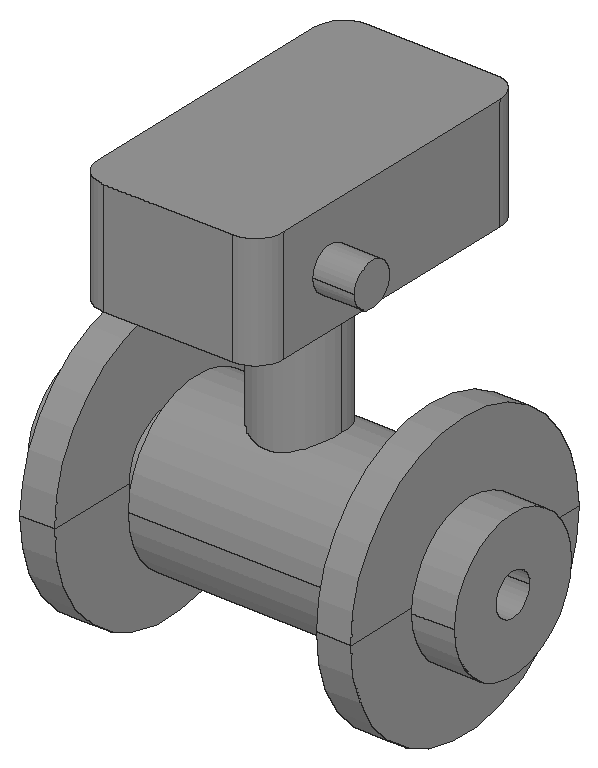
Revit family "ВИРС-М фланцевый DN15-200, PN16", category Арматура трубопроводов, Revit 2015
Parameters (values of type "Счётчик-расходомер электромагнитный (фланцевый) ВИРС-М DN15, PN16, серия 1000")
  Ширина привода = 65 mm  # constant formula
  Толщина фланца = if(DN = 15 mm, 12 mm, if(DN = 20 mm, 14 mm, if(DN = 25 mm, 16 mm, if(DN = 32 mm, 16 mm, if(DN = 40 mm, 17 mm, if(DN = 50 mm, 19 mm, if(DN = 65 mm, 21 mm, if(DN = 80 mm, 21 mm, if(DN = 100 mm, 23 mm, if(DN = 125 mm, 25 mm, if(DN = 150 mm, 25 mm, if(DN = 200 mm, 27 mm, if(DN = 250 mm, 28 mm, if(DN = 300 mm, 28 mm, 69 mm))))))))))))))  # 12 mm
  Толщина зеркала = if(DN < 33 mm, 2 mm, if(DN < 251 mm, 3 mm, if(DN < 350 mm, 4 mm, 69 mm)))  # 2 mm
  Тип, марка = Обозначение  # "ВИРС-М-15-Ф-16-55-232-1000-200"
  Степень защиты = if(Серия = 1000, "IP55", if(Серия = 2000, "IP55", if(Серия = 1100, "IP55", if(Серия = 2100, "IP55", if(Серия = 1300, "IP57", if(Серия = 2300, "IP57", if(Серия = 1500, "IP57", if(Серия = 2500, "IP57", "69"))))))))  # "IP55"
  Скругления привода = 20 mm  # constant formula
  Серия = if(Исполнение = 1, 1000, if(Исполнение = 2, 2000, if(Исполнение = 3, 1100, if(Исполнение = 4, 2100, if(Исполнение = 5, 1300, if(Исполнение = 6, 2300, if(Исполнение = 7, 1500, if(Исполнение = 8, 2500, 69))))))))  # 1000
  Расстояние до провода = 30 mm  # constant formula
  Потребляемая мощность = if(Серия = 1000, 4.5 W, if(Серия = 2000, 4.5 W, if(Серия = 1100, 4.5 W, if(Серия = 2100, 4.5 W, if(Серия = 1300, 4.5 W, if(Серия = 2300, 4.5 W, if(Серия = 1500, 7 W, if(Серия = 2500, 7 W, 69 W))))))))  # 4.5 W
  Description = ""
  Строительная длина = if(DN = 15 mm, 150 mm, if(DN = 20 mm, 150 mm, if(DN = 25 mm, 150 mm, if(DN = 32 mm, 200 mm, if(DN = 40 mm, 200 mm, if(DN = 50 mm, 200 mm, if(DN = 65 mm, 200 mm, if(DN = 80 mm, 250 mm, if(DN = 100 mm, 250 mm, if(DN = 150 mm, 300 mm, if(DN = 200 mm, 350 mm, 69 mm)))))))))))  # 150 mm
  Строительная высота = if(DN = 15 mm, 170 mm, if(DN = 20 mm, 180 mm, if(DN = 25 mm, 190 mm, if(DN = 32 mm, 210 mm, if(DN = 40 mm, 220 mm, if(DN = 50 mm, 230 mm, if(DN = 65 mm, 250 mm, if(DN = 80 mm, 260 mm, if(DN = 100 mm, 270 mm, if(DN = 150 mm, 375 mm, if(DN = 200 mm, 375 mm, 69 mm)))))))))))  # 170 mm
  Обозначение = "ВИРС-М-15-Ф-16-55-232-1000-200"
  Номинальное давление PN = if(Исполнение PN = 1, 1.6 MPa, if(Исполнение PN = 2, 2.5 MPa, 69.0 MPa))  # 1.6 MPa
  Наименование = "Счётчик-расходомер электромагнитный"  # constant formula
  Минимальный расход = if(and(Серия = 1000, DN = 15 mm), 0.01 m³/h, if(and(Серия = 1000, DN = 20 mm), 0.016 m³/h, if(and(Серия = 1000, DN = 25 mm), 0.025 m³/h, if(and(Серия = 1000, DN = 32 mm), 0.04 m³/h, if(and(Серия = 1000, DN = 40 mm), 0.06 m³/h, if(and(Серия = 1000, DN = 50 mm), 0.1 m³/h, if(and(Серия = 1000, DN = 65 mm), 0.16 m³/h, if(and(Серия = 1000, DN = 80 mm), 0.25 m³/h, if(and(Серия = 1000, DN = 100 mm), 0.4 m³/h, if(and(Серия = 1000, DN = 150 mm), 0.6 m³/h, if(and(Серия = 1000, DN = 200 mm), 1.0 m³/h, if(and(Серия = 1100, DN = 15 mm), 0.02 m³/h, if(and(Серия = 1100, DN = 20 mm), 0.032 m³/h, if(and(Серия = 1100, DN = 25 mm), 0.05 m³/h, if(and(Серия = 1100, DN = 32 mm), 0.08 m³/h, if(and(Серия = 1100, DN = 40 mm), 0.13 m³/h, if(and(Серия = 1100, DN = 50 mm), 0.2 m³/h, if(and(Серия = 1100, DN = 65 mm), 0.32 m³/h, if(and(Серия = 1100, DN = 80 mm), 0.5 m³/h, if(and(Серия = 1100, DN = 100 mm), 0.8 m³/h, if(and(Серия = 1100, DN = 150 mm), 1.3 m³/h, if(and(Серия = 1100, DN = 200 mm), 2.0 m³/h, if(and(Серия = 1300, DN = 15 mm), 0.05 m³/h, if(and(Серия = 1300, DN = 20 mm), 0.079 m³/h, if(and(Серия = 1300, DN = 25 mm), 0.13 m³/h, if(and(Серия = 1300, DN = 32 mm), 0.2 m³/h, if(and(Серия = 1300, DN = 40 mm), 0.31 m³/h, if(and(Серия = 1300, DN = 50 mm), 0.5 m³/h, if(and(Серия = 1300, DN = 65 mm), 0.79 m³/h, if(and(Серия = 1300, DN = 80 mm), 1.3 m³/h, if(and(Серия = 1300, DN = 100 mm), 2.0 m³/h, if(and(Серия = 1300, DN = 150 mm), 3.1 m³/h, if(and(Серия = 1300, DN = 200 mm), 5.0 m³/h, if(and(Серия = 1500, DN = 15 mm), 0.2 m³/h, if(and(Серия = 1500, DN = 20 mm), 0.3 m³/h, if(and(Серия = 1500, DN = 25 mm), 0.5 m³/h, if(and(Серия = 1500, DN = 32 mm), 0.8 m³/h, if(and(Серия = 1500, DN = 40 mm), 1.3 m³/h, if(and(Серия = 1500, DN = 50 mm), 2.0 m³/h, if(and(Серия = 1500, DN = 65 mm), 3.2 m³/h, if(and(Серия = 1500, DN = 80 mm), 5.0 m³/h, if(and(Серия = 1500, DN = 100 mm), 8.0 m³/h, if(and(Серия = 1500, DN = 150 mm), 13.0 m³/h, if(and(Серия = 1500, DN = 200 mm), 20.0 m³/h, if(and(Серия = 2000, DN = 15 mm), 0.013 m³/h, if(and(Серия = 2000, DN = 20 mm), 0.02 m³/h, if(and(Серия = 2000, DN = 25 mm), 0.03 m³/h, if(and(Серия = 2000, DN = 32 mm), 0.05 m³/h, if(and(Серия = 2000, DN = 40 mm), 0.08 m³/h, if(and(Серия = 2000, DN = 50 mm), 0.13 m³/h, if(and(Серия = 2000, DN = 65 mm), 0.2 m³/h, if(and(Серия = 2000, DN = 80 mm), 0.32 m³/h, if(and(Серия = 2000, DN = 100 mm), 0.5 m³/h, if(and(Серия = 2000, DN = 150 mm), 0.8 m³/h, if(and(Серия = 2000, DN = 200 mm), 1.3 m³/h, if(and(Серия = 2100, DN = 15 mm), 0.025 m³/h, if(and(Серия = 2100, DN = 20 mm), 0.04 m³/h, if(and(Серия = 2100, DN = 25 mm), 0.064 m³/h, if(and(Серия = 2100, DN = 32 mm), 0.1 m³/h, if(and(Серия = 2100, DN = 40 mm), 0.16 m³/h, if(and(Серия = 2100, DN = 50 mm), 0.25 m³/h, if(and(Серия = 2100, DN = 65 mm), 0.4 m³/h, if(and(Серия = 2100, DN = 80 mm), 0.64 m³/h, if(and(Серия = 2100, DN = 100 mm), 1.0 m³/h, if(and(Серия = 2100, DN = 150 mm), 1.6 m³/h, if(and(Серия = 2100, DN = 200 mm), 2.5 m³/h, if(and(Серия = 2300, DN = 15 mm), 0.063 m³/h, if(and(Серия = 2300, DN = 20 mm), 0.1 m³/h, if(and(Серия = 2300, DN = 25 mm), 0.16 m³/h, if(and(Серия = 2300, DN = 32 mm), 0.25 m³/h, if(and(Серия = 2300, DN = 40 mm), 0.4 m³/h, if(and(Серия = 2300, DN = 50 mm), 0.63 m³/h, if(and(Серия = 2300, DN = 65 mm), 1.0 m³/h, if(and(Серия = 2300, DN = 80 mm), 1.6 m³/h, if(and(Серия = 2300, DN = 100 mm), 2.5 m³/h, if(and(Серия = 2300, DN = 150 mm), 4.0 m³/h, if(and(Серия = 2300, DN = 200 mm), 6.3 m³/h, if(and(Серия = 2500, DN = 15 mm), 0.25 m³/h, if(and(Серия = 2500, DN = 20 mm), 0.4 m³/h, if(and(Серия = 2500, DN = 25 mm), 0.64 m³/h, if(and(Серия = 2500, DN = 32 mm), 1.0 m³/h, if(and(Серия = 2500, DN = 40 mm), 1.6 m³/h, if(and(Серия = 2500, DN = 50 mm), 2.5 m³/h, if(and(Серия = 2500, DN = 65 mm), 4.0 m³/h, if(and(Серия = 2500, DN = 80 mm), 6.4 m³/h, if(and(Серия = 2500, DN = 100 mm), 10.0 m³/h, if(and(Серия = 2500, DN = 150 mm), 16.0 m³/h, if(and(Серия = 2500, DN = 200 mm), 25.0 m³/h, 69.0 m³/h))))))))))))))))))))))))))))))))))))))))))))))))))))))))))))))))))))))))))))))))))))))))  # 0.01 m³/h
  Материал и цвет привода ППР = Пластик, серый
  Материал и цвет ППР = Сталь, белый
  Масса = if(DN = 15 mm, 3.10 kg, if(DN = 20 mm, 3.20 kg, if(DN = 25 mm, 3.60 kg, if(DN = 32 mm, 4.20 kg, if(DN = 40 mm, 5.30 kg, if(DN = 50 mm, 6.80 kg, if(DN = 65 mm, 11.00 kg, if(DN = 80 mm, 14.00 kg, if(DN = 100 mm, 18.00 kg, if(DN = 125 mm, 55.00 kg, if(DN = 150 mm, 31.00 kg, if(DN = 200 mm, 34.00 kg, if(DN = 250 mm, 230.00 kg, if(DN = 300 mm, 360.00 kg, 69.00 kg))))))))))))))  # 3.10 kg
  Максимальный расход = if(and(Серия = 1000, DN = 15 mm), 5.0 m³/h, if(and(Серия = 1000, DN = 20 mm), 7.9 m³/h, if(and(Серия = 1000, DN = 25 mm), 12.5 m³/h, if(and(Серия = 1000, DN = 32 mm), 20.0 m³/h, if(and(Серия = 1000, DN = 40 mm), 31.3 m³/h, if(and(Серия = 1000, DN = 50 mm), 50.0 m³/h, if(and(Серия = 1000, DN = 65 mm), 78.8 m³/h, if(and(Серия = 1000, DN = 80 mm), 125.0 m³/h, if(and(Серия = 1000, DN = 100 mm), 200.0 m³/h, if(and(Серия = 1000, DN = 150 mm), 312.5 m³/h, if(and(Серия = 1000, DN = 200 mm), 500.0 m³/h, if(and(Серия = 1100, DN = 15 mm), 5.0 m³/h, if(and(Серия = 1100, DN = 20 mm), 7.9 m³/h, if(and(Серия = 1100, DN = 25 mm), 12.5 m³/h, if(and(Серия = 1100, DN = 32 mm), 20.0 m³/h, if(and(Серия = 1100, DN = 40 mm), 31.3 m³/h, if(and(Серия = 1100, DN = 50 mm), 50.0 m³/h, if(and(Серия = 1100, DN = 65 mm), 78.8 m³/h, if(and(Серия = 1100, DN = 80 mm), 125.0 m³/h, if(and(Серия = 1100, DN = 100 mm), 200.0 m³/h, if(and(Серия = 1100, DN = 150 mm), 312.5 m³/h, if(and(Серия = 1100, DN = 200 mm), 500.0 m³/h, if(and(Серия = 1300, DN = 15 mm), 5.0 m³/h, if(and(Серия = 1300, DN = 20 mm), 7.9 m³/h, if(and(Серия = 1300, DN = 25 mm), 12.5 m³/h, if(and(Серия = 1300, DN = 32 mm), 20.0 m³/h, if(and(Серия = 1300, DN = 40 mm), 31.3 m³/h, if(and(Серия = 1300, DN = 50 mm), 50.0 m³/h, if(and(Серия = 1300, DN = 65 mm), 78.8 m³/h, if(and(Серия = 1300, DN = 80 mm), 125.0 m³/h, if(and(Серия = 1300, DN = 100 mm), 200.0 m³/h, if(and(Серия = 1300, DN = 150 mm), 312.5 m³/h, if(and(Серия = 1300, DN = 200 mm), 500.0 m³/h, if(and(Серия = 1500, DN = 15 mm), 5.0 m³/h, if(and(Серия = 1500, DN = 20 mm), 7.9 m³/h, if(and(Серия = 1500, DN = 25 mm), 12.5 m³/h, if(and(Серия = 1500, DN = 32 mm), 20.0 m³/h, if(and(Серия = 1500, DN = 40 mm), 31.3 m³/h, if(and(Серия = 1500, DN = 50 mm), 50.0 m³/h, if(and(Серия = 1500, DN = 65 mm), 78.8 m³/h, if(and(Серия = 1500, DN = 80 mm), 125.0 m³/h, if(and(Серия = 1500, DN = 100 mm), 200.0 m³/h, if(and(Серия = 1500, DN = 150 mm), 312.5 m³/h, if(and(Серия = 1500, DN = 200 mm), 500.0 m³/h, if(and(Серия = 2000, DN = 15 mm), 6.3 m³/h, if(and(Серия = 2000, DN = 20 mm), 10.0 m³/h, if(and(Серия = 2000, DN = 25 mm), 16.0 m³/h, if(and(Серия = 2000, DN = 32 mm), 25.0 m³/h, if(and(Серия = 2000, DN = 40 mm), 40.0 m³/h, if(and(Серия = 2000, DN = 50 mm), 63.0 m³/h, if(and(Серия = 2000, DN = 65 mm), 100.0 m³/h, if(and(Серия = 2000, DN = 80 mm), 160.0 m³/h, if(and(Серия = 2000, DN = 100 mm), 250.0 m³/h, if(and(Серия = 2000, DN = 150 mm), 400.0 m³/h, if(and(Серия = 2000, DN = 200 mm), 630.0 m³/h, if(and(Серия = 2100, DN = 15 mm), 6.3 m³/h, if(and(Серия = 2100, DN = 20 mm), 10.0 m³/h, if(and(Серия = 2100, DN = 25 mm), 16.0 m³/h, if(and(Серия = 2100, DN = 32 mm), 25.0 m³/h, if(and(Серия = 2100, DN = 40 mm), 40.0 m³/h, if(and(Серия = 2100, DN = 50 mm), 63.0 m³/h, if(and(Серия = 2100, DN = 65 mm), 100.0 m³/h, if(and(Серия = 2100, DN = 80 mm), 160.0 m³/h, if(and(Серия = 2100, DN = 100 mm), 250.0 m³/h, if(and(Серия = 2100, DN = 150 mm), 400.0 m³/h, if(and(Серия = 2100, DN = 200 mm), 630.0 m³/h, if(and(Серия = 2300, DN = 15 mm), 6.3 m³/h, if(and(Серия = 2300, DN = 20 mm), 10.0 m³/h, if(and(Серия = 2300, DN = 25 mm), 16.0 m³/h, if(and(Серия = 2300, DN = 32 mm), 25.0 m³/h, if(and(Серия = 2300, DN = 40 mm), 40.0 m³/h, if(and(Серия = 2300, DN = 50 mm), 63.0 m³/h, if(and(Серия = 2300, DN = 65 mm), 100.0 m³/h, if(and(Серия = 2300, DN = 80 mm), 160.0 m³/h, if(and(Серия = 2300, DN = 100 mm), 250.0 m³/h, if(and(Серия = 2300, DN = 150 mm), 400.0 m³/h, if(and(Серия = 2300, DN = 200 mm), 630.0 m³/h, if(and(Серия = 2500, DN = 15 mm), 6.3 m³/h, if(and(Серия = 2500, DN = 20 mm), 10.0 m³/h, if(and(Серия = 2500, DN = 25 mm), 16.0 m³/h, if(and(Серия = 2500, DN = 32 mm), 25.0 m³/h, if(and(Серия = 2500, DN = 40 mm), 40.0 m³/h, if(and(Серия = 2500, DN = 50 mm), 63.0 m³/h, if(and(Серия = 2500, DN = 65 mm), 100.0 m³/h, if(and(Серия = 2500, DN = 80 mm), 160.0 m³/h, if(and(Серия = 2500, DN = 100 mm), 250.0 m³/h, if(and(Серия = 2500, DN = 150 mm), 400.0 m³/h, if(and(Серия = 2500, DN = 200 mm), 630.0 m³/h, 69.0 m³/h))))))))))))))))))))))))))))))))))))))))))))))))))))))))))))))))))))))))))))))))))))))))  # 5.0 m³/h
  Максимальная температура среды = if(Серия = 1000, 150 °C, if(Серия = 2000, 150 °C, if(Серия = 1100, 150 °C, if(Серия = 2100, 150 °C, if(Серия = 1300, 90 °C, if(Серия = 2300, 90 °C, if(Серия = 1500, 90 °C, if(Серия = 2500, 90 °C, 69 °C))))))))  # 150 °C
  Класс точности = if(Серия = 1000, 2, if(Серия = 2000, 2, if(Серия = 1100, 1, if(Серия = 2100, 1, if(Серия = 1300, 0.5, if(Серия = 2300, 0.5, if(Серия = 1500, 0.25, if(Серия = 2500, 0.25, 69))))))))  # 2
  Исполнение PN = 1
  Исполнение = 1
  Интерфес (основной) = "RS 232"  # constant formula
  Изготовитель = "ООО \"ВОГЕЗЭНЕРГО\""
  Длина присоединения провода = 15 mm  # constant formula
  Длина по фланцам = Строительная длина - 30 mm  # 120 mm
  Материал и цвет остальных элементов = Сталь, неокрашенная
  Длина привода = 115 mm  # constant formula
  Длина корпуса = Длина по фланцам - 2 * Толщина зеркала - Толщина фланца * 2 - 20 mm  # 72 mm
  Диаметр штока = 30 mm  # constant formula
  Радиус фланца = Диаметр фланца / 2  # 50 mm
  Диаметр фланца = if(DN = 15 mm, 100 mm, if(DN = 20 mm, 110 mm, if(DN = 25 mm, 120 mm, if(DN = 32 mm, 135 mm, if(DN = 40 mm, 145 mm, if(DN = 50 mm, 160 mm, if(DN = 65 mm, 180 mm, if(DN = 80 mm, 195 mm, if(DN = 100 mm, 215 mm, if(DN = 125 mm, 245 mm, if(DN = 150 mm, 280 mm, if(DN = 200 mm, 335 mm, if(DN = 250 mm, 405 mm, if(DN = 300 mm, 460 mm, 69 mm))))))))))))))  # 100 mm
  Радиус условный = DN / 2  # 7.5 mm
  Диаметр условный DN = DN  # 15 mm
  Выходной сигнал = if(Серия = 1000, "числоимпульсный", if(Серия = 2000, "числоимпульсный", if(Серия = 1100, "числоимпульсный", if(Серия = 2100, "числоимпульсный", if(Серия = 1300, "частотный", if(Серия = 2300, "частотный", if(Серия = 1500, "частотный", if(Серия = 2500, "частотный", "69"))))))))  # "числоимпульсный"
  URL = "http://vogez.by/"
  DN = 15 mm
  Диаметр подключение провода = 15 mm  # constant formula
  Диаметр патрубка = DN + 20 mm  # 35 mm
  Диаметр корпуса = Диаметр фланца - 40 mm  # 60 mm
  Диаметр зеркала_2 = Диаметр зеркала / 2 - 5 mm  # 20.5 mm
  Диаметр зеркала = if(DN = 15 mm, 51 mm, if(DN = 20 mm, 60 mm, if(DN = 25 mm, 71 mm, if(DN = 32 mm, 82 mm, if(DN = 40 mm, 92 mm, if(DN = 50 mm, 107 mm, if(DN = 65 mm, 127 mm, if(DN = 80 mm, 139 mm, if(DN = 100 mm, 162 mm, if(DN = 125 mm, 190 mm, if(DN = 150 mm, 218 mm, if(DN = 200 mm, 274 mm, if(DN = 250 mm, 326 mm, if(DN = 300 mm, 378 mm, 69 mm))))))))))))))  # 51 mm
  Высота с приводом = Строительная высота - Радиус фланца  # 120 mm
  Высота основания привода = Высота с приводом - 40 mm  # 80 mm
  Видимость клапана = yes
Reference planes
  plane 1 "По центру (Вперед/Назад)": y = 0
  plane 2: z = 0
  plane 3 "По центру (Влево/Вправо)": x = 0
  plane 4: x = -60
  plane 5: x = 60
  plane 6: z = 80
  plane 7: z = 120
  plane 8: x = -32.5
  plane 9: x = 32.5
  plane 10: x = -32.5
  plane 11: x = 32.5
  plane 12: x = -75
  plane 13: x = 75
  plane 14: y = 57.5
  plane 15: y = -57.5
  plane 16: x = -36
  plane 17: x = 36
  plane 18: x = 47.5
  plane 19: z = 50
  plane 20: z = -50
Forms (mm)
  Revolve 1, solid, material "Сталь, белый" <- "Материал и цвет ППР", visible <- "Видимость клапана", detail levels fine
    sketch origin (0, 0, 0) x (1, 0, 0) y (0, 1, 0)
      loop
        line (-60, 20.5) -> (-60, 7.5) -> (-46, 7.5) -> (-46, 50) -> (-58, 50) -> (-58, 20.5) -> (-60, 20.5)
      loop
        line (60, 20.5) -> (58, 20.5) -> (58, 50) -> (46, 50) -> (46, 7.5) -> (60, 7.5) -> (60, 20.5)
      axis (-60, 0) -> (60, 0)
    angle from 0 to 360
  Extrusion 2, solid, material "Сталь, белый" <- "Материал и цвет ППР", visible <- "Видимость клапана", detail levels fine
    sketch origin (0, 0, 0) x (0, 1, 0) y (0, 0, 1)
      loop
        circle (0, 0) r 17.5
    from -46 to 46
  Extrusion 3, solid, material "Сталь, неокрашенная" <- "Материал и цвет остальных элементов", visible <- "Видимость клапана", detail levels fine
    sketch origin (0, 0, 0) x (0, 1, 0) y (0, 0, -1)
      loop
        circle (0, 0) r 25.5
      loop
        circle (0, 0) r 7.5
    from 60 to 75
  Extrusion 4, solid, material "Сталь, неокрашенная" <- "Материал и цвет остальных элементов", visible <- "Видимость клапана", detail levels fine
    sketch origin (0, 0, 0) x (0, 1, 0) y (0, 0, 1)
      loop
        circle (0, 0) r 25.5
      loop
        circle (0, 0) r 7.5
    from 60 to 75
  Extrusion 5, solid, material "Сталь, белый" <- "Материал и цвет ППР", visible <- "Видимость клапана", detail levels fine
    sketch origin (0, 0, 72) x (1, 0, 0) y (0, 1, 0)
      loop
        circle (0, 0) r 15
    from -72 to 8
  Extrusion 6, solid, material "Сталь, белый" <- "Материал и цвет ППР", visible <- "Видимость клапана", detail levels fine
    sketch origin (0, 0, 0) x (0, 1, 0) y (0, 0, 1)
      loop
        circle (0, 0) r 30
    from -36 to 36
  Extrusion 7, solid, material "Пластик, серый" <- "Материал и цвет привода ППР", visible <- "Видимость клапана", detail levels fine
    sketch origin (0, 0, 72) x (1, 0, 0) y (0, 1, 0)
      loop
        arc (-22.5, 57.5) -> (-29.571, 54.571) -> (-32.5, 47.5) r 10
        line (-32.5, 47.5) -> (-32.5, -47.5)
        arc (-32.5, -47.5) -> (-29.571, -54.571) -> (-22.5, -57.5) r 10
        line (-22.5, -57.5) -> (22.5, -57.5)
        arc (22.5, -57.5) -> (29.571, -54.571) -> (32.5, -47.5) r 10
        line (32.5, -47.5) -> (32.5, 47.5)
        arc (32.5, 47.5) -> (29.571, 54.571) -> (22.5, 57.5) r 10
        line (22.5, 57.5) -> (-22.5, 57.5)
    from 8 to 48
  Extrusion 8, solid, material "Пластик, серый" <- "Материал и цвет привода ППР", visible <- "Видимость клапана", detail levels fine
    sketch origin (0, 0, 0) x (0, 1, 0) y (0, 0, 1)
      loop
        circle (-27.5, 100) r 7.5
    from 32.5 to 47.5
Cuts and joins
  joined: Revolve 1, Extrusion 2, Extrusion 5, Extrusion 6
Lines and regions (mm)
  model lines, visible <- "Видимость клапана", detail levels coarse+medium
    curve 1: line (75, 0, 50) -> (-75, 0, 50)
    curve 2: line (75, 0, -50) -> (75, 0, 50)
    curve 3: line (-75, 0, -50) -> (75, 0, -50)
    curve 4: line (-75, 0, 50) -> (-75, 0, -50)
    curve 5: line (75, 0, -50) -> (-75, 0, 50)
Dimensions and locks
  equal spacing: plane 4, plane 3 "По центру (Влево/Вправо)", plane 5
  "Длина по фланцам": plane 4 to plane 5
  "Толщина зеркала": Revolve 1 sketch curve to Revolve 1 sketch curve  (x2)
  "Толщина фланца": Revolve 1 sketch curve to Revolve 1 sketch curve  (x2)
  "Радиус фланца": plane 1 "По центру (Вперед/Назад)" to Revolve 1 sketch curve  (x2)
  "Диаметр зеркала_2": plane 1 "По центру (Вперед/Назад)" to Revolve 1 sketch curve  (x2)
  "Радиус условный": plane 1 "По центру (Вперед/Назад)" to Revolve 1 sketch curve  (x2)
  "Высота основания привода": level to plane 6
  "Высота с приводом": level to plane 7
  equal spacing: plane 8, plane 3 "По центру (Влево/Вправо)", plane 9
  "Ширина привода": plane 8 to plane 9
  equal spacing: plane 12, plane 3 "По центру (Влево/Вправо)", plane 13
  "Строительная длина": plane 12 to plane 13
  equal spacing: plane 14, plane 1 "По центру (Вперед/Назад)", plane 15
  "Длина привода": plane 14 to plane 15
  equal spacing: plane 16, plane 3 "По центру (Влево/Вправо)", plane 17
  "Длина корпуса": plane 16 to plane 17
  equal spacing: plane 7, Extrusion 8 sketch curve, plane 6
  "Расстояние до провода": plane 15 to Extrusion 8 sketch curve
  "Длина присоединения провода": plane 11 to plane 18
  equal spacing: plane 20, level, plane 19
  "Диаметр фланца": plane 20 to plane 19
  "Диаметр патрубка": diameter of Extrusion 2 sketch curve
  "Диаметр зеркала": diameter of Extrusion 3 sketch curve
  "DN": diameter of Extrusion 3 sketch curve
  "Диаметр зеркала": diameter of Extrusion 4 sketch curve
  "DN": diameter of Extrusion 4 sketch curve
  "Диаметр штока": diameter of Extrusion 5 sketch curve
  "Диаметр корпуса": diameter of Extrusion 6 sketch curve
  "Скругления привода": diameter of Extrusion 7 sketch curve  (x4)
  "Диаметр подключение провода": diameter of Extrusion 8 sketch curve
  aligned and locked: level to plane 2
  aligned and locked: plane 4 to Revolve 1 sketch curve
  aligned and locked: plane 5 to Revolve 1 sketch curve
  aligned and locked: plane 1 "По центру (Вперед/Назад)" to Revolve 1 sketch curve
  aligned and locked: Revolve 1 to Extrusion 2
  aligned and locked: Extrusion 3 to plane 12
  aligned and locked: plane 4 to Extrusion 3
  aligned and locked: plane 13 to Extrusion 4
  aligned and locked: Extrusion 4 to plane 5
  aligned and locked: Extrusion 5 to level
  aligned and locked: plane 6 to Extrusion 5
  aligned and locked: plane 17 to Extrusion 6
  aligned and locked: Extrusion 6 to plane 16
  aligned and locked: Extrusion 7 to plane 8
  aligned and locked: plane 9 to Extrusion 7
  aligned and locked: plane 14 to Extrusion 7
  aligned and locked: Extrusion 7 to plane 15
  aligned and locked: plane 7 to Extrusion 7
  aligned and locked: Extrusion 7 to plane 6
  aligned and locked: Extrusion 8 to plane 9
  aligned and locked: Extrusion 8 to plane 18
  aligned and locked: Extrusion 2 to Revolve 1
Automatic sketch dimensions
  curve 5 to plane 12 = 0 mm
  curve 5 to plane 13 = 0 mm
  curve 3 to plane 20 = 0 mm
  curve 4 to plane 19 = 0 mm
  Revolve 1 sketch curve to plane 4 = 0 mm
  Revolve 1 sketch curve to plane 5 = 0 mm
  Extrusion 2 sketch curve to level = 0 mm
  Extrusion 2 sketch curve to plane 1 "По центру (Вперед/Назад)" = 0 mm
  Extrusion 3 sketch curve to Extrusion 3 sketch curve = 0 mm  (x2)
  Extrusion 3 sketch curve to level = 0 mm
  Extrusion 3 sketch curve to plane 1 "По центру (Вперед/Назад)" = 0 mm
  Extrusion 4 sketch curve to Extrusion 4 sketch curve = 0 mm  (x2)
  Extrusion 4 sketch curve to level = 0 mm
  Extrusion 4 sketch curve to plane 1 "По центру (Вперед/Назад)" = 0 mm
  plane 1 "По центру (Вперед/Назад)" to Extrusion 5 sketch curve = 0 mm
  Extrusion 5 sketch curve to plane 3 "По центру (Влево/Вправо)" = 0 mm
  Extrusion 6 sketch curve to level = 0 mm
  Extrusion 6 sketch curve to plane 1 "По центру (Вперед/Назад)" = 0 mm
  Extrusion 7 sketch curve to plane 8 = 0 mm
  Extrusion 7 sketch curve to plane 15 = 0 mm
  Extrusion 7 sketch curve to plane 14 = 0 mm
  Extrusion 7 sketch curve to plane 9 = 0 mm
Connectors
  piping at (75, 0, 0), diameter 15, driven by "DN"
    settings: on Extrusion 4, index 1, connector inside diameter 609.6 mm, connector length 0 mm, flow factor 0, pipe flow 0.0 m³/h, pressure drop 0.0 MPa, fitting loss kfactor 0, connector angle 0.00°, fixture units 0, engagement length 0 mm, angle of deflection 0.00°, flow configuration 0, flow direction 2, fitting loss method 0, system type 29, joint type 0, gender type 0, connector reference index 2, connector utility 0, adjustable connector no, is connector primary yes, connector description "Фланцевое соединение (выход)"
  piping at (-75, 0, 0), diameter 15, driven by "DN"
    settings: on Extrusion 3, index 2, connector inside diameter 609.6 mm, connector length 0 mm, flow factor 0, pipe flow 0.0 m³/h, pressure drop 0.0 MPa, fitting loss kfactor 0, connector angle 0.00°, fixture units 0, engagement length 0 mm, angle of deflection 0.00°, flow configuration 0, flow direction 1, fitting loss method 0, system type 29, joint type 0, gender type 0, connector reference index 1, connector utility 0, adjustable connector no, is connector primary no, connector description "Фланцевое соединение (вход)"
  electrical at (47.5, -27.5, 100)
    settings: on Extrusion 8, index 3, voltage 0 V, apparent load 0 VA, apparent load phase1 0 VA, apparent load phase2 0 VA, apparent load phase3 0 VA, power factor 1, load classification "Прочее", number of poles 1, system type 13, power factor state 1, is connector primary yes, connector utility no, sub classification motor no, connector description ""
Types (89, lengths in mm): name | Толщина фланца | Толщина зеркала | Тип, марка | Степень защиты | Серия | Потребляемая мощность | Строительная длина | Строительная высота | Обозначение | Минимальный расход | Масса | Максимальный расход | Максимальная температура среды | Класс точности | Исполнение | Длина по фланцам | Длина корпуса | Радиус фланца | Диаметр фланца | Радиус условный | Диаметр условный DN | Выходной сигнал | DN | Диаметр патрубка | Диаметр корпуса | Диаметр зеркала_2 | Диаметр зеркала | Высота с приводом | Высота основания привода
  (no name) | 12 | 2 | "ВИРС-М-15-Ф-16-55-232-1000-200" | "IP55" | 1000 | 4.5 W | 150 | 170 | "ВИРС-М-15-Ф-16-55-232-1000-200" | 0.01 m³/h | 3.10 kg | 5.0 m³/h | 150 °C | 2 | 1 | 120 | 72 | 50 | 100 | 7.5 | 15 | "числоимпульсный" | 15 | 35 | 60 | 20.5 | 51 | 120 | 80
  Счётчик-расходомер электромагнитный (фланцевый) ВИРС-М DN15, PN16, серия 1000 | 12 | 2 | "ВИРС-М-15-Ф-16-55-232-1000-200" | "IP55" | 1000 | 4.5 W | 150 | 170 | "ВИРС-М-15-Ф-16-55-232-1000-200" | 0.01 m³/h | 3.10 kg | 5.0 m³/h | 150 °C | 2 | 1 | 120 | 72 | 50 | 100 | 7.5 | 15 | "числоимпульсный" | 15 | 35 | 60 | 20.5 | 51 | 120 | 80
  Счётчик-расходомер электромагнитный (фланцевый) ВИРС-М DN15, PN16, серия 2000 | 12 | 2 | "ВИРС-М-15-Ф-16-55-232-2000-200" | "IP55" | 2000 | 4.5 W | 150 | 170 | "ВИРС-М-15-Ф-16-55-232-2000-200" | 0.013 m³/h | 3.10 kg | 6.3 m³/h | 150 °C | 2 | 2 | 120 | 72 | 50 | 100 | 7.5 | 15 | "числоимпульсный" | 15 | 35 | 60 | 20.5 | 51 | 120 | 80
  Счётчик-расходомер электромагнитный (фланцевый) ВИРС-М DN15, PN16, серия 1100 | 12 | 2 | "ВИРС-М-15-Ф-16-55-232-1100-100" | "IP55" | 1100 | 4.5 W | 150 | 170 | "ВИРС-М-15-Ф-16-55-232-1100-100" | 0.02 m³/h | 3.10 kg | 5.0 m³/h | 150 °C | 1 | 3 | 120 | 72 | 50 | 100 | 7.5 | 15 | "числоимпульсный" | 15 | 35 | 60 | 20.5 | 51 | 120 | 80
  Счётчик-расходомер электромагнитный (фланцевый) ВИРС-М DN15, PN16, серия 2100 | 12 | 2 | "ВИРС-М-15-Ф-16-55-232-2100-100" | "IP55" | 2100 | 4.5 W | 150 | 170 | "ВИРС-М-15-Ф-16-55-232-2100-100" | 0.025 m³/h | 3.10 kg | 6.3 m³/h | 150 °C | 1 | 4 | 120 | 72 | 50 | 100 | 7.5 | 15 | "числоимпульсный" | 15 | 35 | 60 | 20.5 | 51 | 120 | 80
  Счётчик-расходомер электромагнитный (фланцевый) ВИРС-М DN15, PN16, серия 1300 | 12 | 2 | "ВИРС-М-15-Ф-16-57-232-1300-050" | "IP57" | 1300 | 4.5 W | 150 | 170 | "ВИРС-М-15-Ф-16-57-232-1300-050" | 0.05 m³/h | 3.10 kg | 5.0 m³/h | 90 °C | 0.5 | 5 | 120 | 72 | 50 | 100 | 7.5 | 15 | "частотный" | 15 | 35 | 60 | 20.5 | 51 | 120 | 80
  Счётчик-расходомер электромагнитный (фланцевый) ВИРС-М DN15, PN16, серия 2300 | 12 | 2 | "ВИРС-М-15-Ф-16-57-232-2300-050" | "IP57" | 2300 | 4.5 W | 150 | 170 | "ВИРС-М-15-Ф-16-57-232-2300-050" | 0.063 m³/h | 3.10 kg | 6.3 m³/h | 90 °C | 0.5 | 6 | 120 | 72 | 50 | 100 | 7.5 | 15 | "частотный" | 15 | 35 | 60 | 20.5 | 51 | 120 | 80
  Счётчик-расходомер электромагнитный (фланцевый) ВИРС-М DN15, PN16, серия 1500 | 12 | 2 | "ВИРС-М-15-Ф-16-57-232-1500-025" | "IP57" | 1500 | 7 W | 150 | 170 | "ВИРС-М-15-Ф-16-57-232-1500-025" | 0.2 m³/h | 3.10 kg | 5.0 m³/h | 90 °C | 0.25 | 7 | 120 | 72 | 50 | 100 | 7.5 | 15 | "частотный" | 15 | 35 | 60 | 20.5 | 51 | 120 | 80
  Счётчик-расходомер электромагнитный (фланцевый) ВИРС-М DN15, PN16, серия 2500 | 12 | 2 | "ВИРС-М-15-Ф-16-57-232-2500-025" | "IP57" | 2500 | 7 W | 150 | 170 | "ВИРС-М-15-Ф-16-57-232-2500-025" | 0.25 m³/h | 3.10 kg | 6.3 m³/h | 90 °C | 0.25 | 8 | 120 | 72 | 50 | 100 | 7.5 | 15 | "частотный" | 15 | 35 | 60 | 20.5 | 51 | 120 | 80
  Счётчик-расходомер электромагнитный (фланцевый) ВИРС-М DN20, PN16, серия 1000 | 14 | 2 | "ВИРС-М-20-Ф-16-55-232-1000-200" | "IP55" | 1000 | 4.5 W | 150 | 180 | "ВИРС-М-20-Ф-16-55-232-1000-200" | 0.016 m³/h | 3.20 kg | 7.9 m³/h | 150 °C | 2 | 1 | 120 | 68 | 55 | 110 | 10 | 20 | "числоимпульсный" | 20 | 40 | 70 | 25 | 60 | 125 | 85
  Счётчик-расходомер электромагнитный (фланцевый) ВИРС-М DN20, PN16, серия 1100 | 14 | 2 | "ВИРС-М-20-Ф-16-55-232-1100-100" | "IP55" | 1100 | 4.5 W | 150 | 180 | "ВИРС-М-20-Ф-16-55-232-1100-100" | 0.032 m³/h | 3.20 kg | 7.9 m³/h | 150 °C | 1 | 3 | 120 | 68 | 55 | 110 | 10 | 20 | "числоимпульсный" | 20 | 40 | 70 | 25 | 60 | 125 | 85
  Счётчик-расходомер электромагнитный (фланцевый) ВИРС-М DN20, PN16, серия 1300 | 14 | 2 | "ВИРС-М-20-Ф-16-57-232-1300-050" | "IP57" | 1300 | 4.5 W | 150 | 180 | "ВИРС-М-20-Ф-16-57-232-1300-050" | 0.079 m³/h | 3.20 kg | 7.9 m³/h | 90 °C | 0.5 | 5 | 120 | 68 | 55 | 110 | 10 | 20 | "частотный" | 20 | 40 | 70 | 25 | 60 | 125 | 85
  Счётчик-расходомер электромагнитный (фланцевый) ВИРС-М DN200, PN16, серия 1500 | 27 | 3 | "ВИРС-М-200-Ф-16-57-232-1500-025" | "IP57" | 1500 | 7 W | 350 | 375 | "ВИРС-М-200-Ф-16-57-232-1500-025" | 20.0 m³/h | 34.00 kg | 500.0 m³/h | 90 °C | 0.25 | 7 | 320 | 240 | 167.5 | 335 | 100 | 200 | "частотный" | 200 | 220 | 295 | 132 | 274 | 207.5 | 167.5
  Счётчик-расходомер электромагнитный (фланцевый) ВИРС-М DN20, PN16, серия 2000 | 14 | 2 | "ВИРС-М-20-Ф-16-55-232-2000-200" | "IP55" | 2000 | 4.5 W | 150 | 180 | "ВИРС-М-20-Ф-16-55-232-2000-200" | 0.02 m³/h | 3.20 kg | 10.0 m³/h | 150 °C | 2 | 2 | 120 | 68 | 55 | 110 | 10 | 20 | "числоимпульсный" | 20 | 40 | 70 | 25 | 60 | 125 | 85
  Счётчик-расходомер электромагнитный (фланцевый) ВИРС-М DN20, PN16, серия 2100 | 14 | 2 | "ВИРС-М-20-Ф-16-55-232-2100-100" | "IP55" | 2100 | 4.5 W | 150 | 180 | "ВИРС-М-20-Ф-16-55-232-2100-100" | 0.04 m³/h | 3.20 kg | 10.0 m³/h | 150 °C | 1 | 4 | 120 | 68 | 55 | 110 | 10 | 20 | "числоимпульсный" | 20 | 40 | 70 | 25 | 60 | 125 | 85
  Счётчик-расходомер электромагнитный (фланцевый) ВИРС-М DN20, PN16, серия 2300 | 14 | 2 | "ВИРС-М-20-Ф-16-57-232-2300-050" | "IP57" | 2300 | 4.5 W | 150 | 180 | "ВИРС-М-20-Ф-16-57-232-2300-050" | 0.1 m³/h | 3.20 kg | 10.0 m³/h | 90 °C | 0.5 | 6 | 120 | 68 | 55 | 110 | 10 | 20 | "частотный" | 20 | 40 | 70 | 25 | 60 | 125 | 85
  Счётчик-расходомер электромагнитный (фланцевый) ВИРС-М DN20, PN16, серия 2500 | 14 | 2 | "ВИРС-М-20-Ф-16-57-232-2500-025" | "IP57" | 2500 | 7 W | 150 | 180 | "ВИРС-М-20-Ф-16-57-232-2500-025" | 0.4 m³/h | 3.20 kg | 10.0 m³/h | 90 °C | 0.25 | 8 | 120 | 68 | 55 | 110 | 10 | 20 | "частотный" | 20 | 40 | 70 | 25 | 60 | 125 | 85
  Счётчик-расходомер электромагнитный (фланцевый) ВИРС-М DN25, PN16, серия 1000 | 16 | 2 | "ВИРС-М-25-Ф-16-55-232-1000-200" | "IP55" | 1000 | 4.5 W | 150 | 190 | "ВИРС-М-25-Ф-16-55-232-1000-200" | 0.025 m³/h | 3.60 kg | 12.5 m³/h | 150 °C | 2 | 1 | 120 | 64 | 60 | 120 | 12.5 | 25 | "числоимпульсный" | 25 | 45 | 80 | 30.5 | 71 | 130 | 90
  Счётчик-расходомер электромагнитный (фланцевый) ВИРС-М DN25, PN16, серия 1100 | 16 | 2 | "ВИРС-М-25-Ф-16-55-232-1100-100" | "IP55" | 1100 | 4.5 W | 150 | 190 | "ВИРС-М-25-Ф-16-55-232-1100-100" | 0.05 m³/h | 3.60 kg | 12.5 m³/h | 150 °C | 1 | 3 | 120 | 64 | 60 | 120 | 12.5 | 25 | "числоимпульсный" | 25 | 45 | 80 | 30.5 | 71 | 130 | 90
  Счётчик-расходомер электромагнитный (фланцевый) ВИРС-М DN25, PN16, серия 1300 | 16 | 2 | "ВИРС-М-25-Ф-16-57-232-1300-050" | "IP57" | 1300 | 4.5 W | 150 | 190 | "ВИРС-М-25-Ф-16-57-232-1300-050" | 0.13 m³/h | 3.60 kg | 12.5 m³/h | 90 °C | 0.5 | 5 | 120 | 64 | 60 | 120 | 12.5 | 25 | "частотный" | 25 | 45 | 80 | 30.5 | 71 | 130 | 90
  Счётчик-расходомер электромагнитный (фланцевый) ВИРС-М DN25, PN16, серия 1500 | 16 | 2 | "ВИРС-М-25-Ф-16-57-232-1500-025" | "IP57" | 1500 | 7 W | 150 | 190 | "ВИРС-М-25-Ф-16-57-232-1500-025" | 0.5 m³/h | 3.60 kg | 12.5 m³/h | 90 °C | 0.25 | 7 | 120 | 64 | 60 | 120 | 12.5 | 25 | "частотный" | 25 | 45 | 80 | 30.5 | 71 | 130 | 90
  Счётчик-расходомер электромагнитный (фланцевый) ВИРС-М DN25, PN16, серия 2000 | 16 | 2 | "ВИРС-М-25-Ф-16-55-232-2000-200" | "IP55" | 2000 | 4.5 W | 150 | 190 | "ВИРС-М-25-Ф-16-55-232-2000-200" | 0.03 m³/h | 3.60 kg | 16.0 m³/h | 150 °C | 2 | 2 | 120 | 64 | 60 | 120 | 12.5 | 25 | "числоимпульсный" | 25 | 45 | 80 | 30.5 | 71 | 130 | 90
  Счётчик-расходомер электромагнитный (фланцевый) ВИРС-М DN25, PN16, серия 2100 | 16 | 2 | "ВИРС-М-25-Ф-16-55-232-2100-100" | "IP55" | 2100 | 4.5 W | 150 | 190 | "ВИРС-М-25-Ф-16-55-232-2100-100" | 0.064 m³/h | 3.60 kg | 16.0 m³/h | 150 °C | 1 | 4 | 120 | 64 | 60 | 120 | 12.5 | 25 | "числоимпульсный" | 25 | 45 | 80 | 30.5 | 71 | 130 | 90
  Счётчик-расходомер электромагнитный (фланцевый) ВИРС-М DN25, PN16, серия 2300 | 16 | 2 | "ВИРС-М-25-Ф-16-57-232-2300-050" | "IP57" | 2300 | 4.5 W | 150 | 190 | "ВИРС-М-25-Ф-16-57-232-2300-050" | 0.16 m³/h | 3.60 kg | 16.0 m³/h | 90 °C | 0.5 | 6 | 120 | 64 | 60 | 120 | 12.5 | 25 | "частотный" | 25 | 45 | 80 | 30.5 | 71 | 130 | 90
  Счётчик-расходомер электромагнитный (фланцевый) ВИРС-М DN25, PN16, серия 2500 | 16 | 2 | "ВИРС-М-25-Ф-16-57-232-2500-025" | "IP57" | 2500 | 7 W | 150 | 190 | "ВИРС-М-25-Ф-16-57-232-2500-025" | 0.64 m³/h | 3.60 kg | 16.0 m³/h | 90 °C | 0.25 | 8 | 120 | 64 | 60 | 120 | 12.5 | 25 | "частотный" | 25 | 45 | 80 | 30.5 | 71 | 130 | 90
  Счётчик-расходомер электромагнитный (фланцевый) ВИРС-М DN32, PN16, серия 1000 | 16 | 2 | "ВИРС-М-32-Ф-16-55-232-1000-200" | "IP55" | 1000 | 4.5 W | 200 | 210 | "ВИРС-М-32-Ф-16-55-232-1000-200" | 0.04 m³/h | 4.20 kg | 20.0 m³/h | 150 °C | 2 | 1 | 170 | 114 | 67.5 | 135 | 16 | 32 | "числоимпульсный" | 32 | 52 | 95 | 36 | 82 | 142.5 | 102.5
  Счётчик-расходомер электромагнитный (фланцевый) ВИРС-М DN32, PN16, серия 1100 | 16 | 2 | "ВИРС-М-32-Ф-16-55-232-1100-100" | "IP55" | 1100 | 4.5 W | 200 | 210 | "ВИРС-М-32-Ф-16-55-232-1100-100" | 0.08 m³/h | 4.20 kg | 20.0 m³/h | 150 °C | 1 | 3 | 170 | 114 | 67.5 | 135 | 16 | 32 | "числоимпульсный" | 32 | 52 | 95 | 36 | 82 | 142.5 | 102.5
  Счётчик-расходомер электромагнитный (фланцевый) ВИРС-М DN32, PN16, серия 1300 | 16 | 2 | "ВИРС-М-32-Ф-16-57-232-1300-050" | "IP57" | 1300 | 4.5 W | 200 | 210 | "ВИРС-М-32-Ф-16-57-232-1300-050" | 0.2 m³/h | 4.20 kg | 20.0 m³/h | 90 °C | 0.5 | 5 | 170 | 114 | 67.5 | 135 | 16 | 32 | "частотный" | 32 | 52 | 95 | 36 | 82 | 142.5 | 102.5
  Счётчик-расходомер электромагнитный (фланцевый) ВИРС-М DN32, PN16, серия 1500 | 16 | 2 | "ВИРС-М-32-Ф-16-57-232-1500-025" | "IP57" | 1500 | 7 W | 200 | 210 | "ВИРС-М-32-Ф-16-57-232-1500-025" | 0.8 m³/h | 4.20 kg | 20.0 m³/h | 90 °C | 0.25 | 7 | 170 | 114 | 67.5 | 135 | 16 | 32 | "частотный" | 32 | 52 | 95 | 36 | 82 | 142.5 | 102.5
  Счётчик-расходомер электромагнитный (фланцевый) ВИРС-М DN32, PN16, серия 2000 | 16 | 2 | "ВИРС-М-32-Ф-16-55-232-2000-200" | "IP55" | 2000 | 4.5 W | 200 | 210 | "ВИРС-М-32-Ф-16-55-232-2000-200" | 0.05 m³/h | 4.20 kg | 25.0 m³/h | 150 °C | 2 | 2 | 170 | 114 | 67.5 | 135 | 16 | 32 | "числоимпульсный" | 32 | 52 | 95 | 36 | 82 | 142.5 | 102.5
  Счётчик-расходомер электромагнитный (фланцевый) ВИРС-М DN32, PN16, серия 2100 | 16 | 2 | "ВИРС-М-32-Ф-16-55-232-2100-100" | "IP55" | 2100 | 4.5 W | 200 | 210 | "ВИРС-М-32-Ф-16-55-232-2100-100" | 0.1 m³/h | 4.20 kg | 25.0 m³/h | 150 °C | 1 | 4 | 170 | 114 | 67.5 | 135 | 16 | 32 | "числоимпульсный" | 32 | 52 | 95 | 36 | 82 | 142.5 | 102.5
  Счётчик-расходомер электромагнитный (фланцевый) ВИРС-М DN32, PN16, серия 2300 | 16 | 2 | "ВИРС-М-32-Ф-16-57-232-2300-050" | "IP57" | 2300 | 4.5 W | 200 | 210 | "ВИРС-М-32-Ф-16-57-232-2300-050" | 0.25 m³/h | 4.20 kg | 25.0 m³/h | 90 °C | 0.5 | 6 | 170 | 114 | 67.5 | 135 | 16 | 32 | "частотный" | 32 | 52 | 95 | 36 | 82 | 142.5 | 102.5
  Счётчик-расходомер электромагнитный (фланцевый) ВИРС-М DN32, PN16, серия 2500 | 16 | 2 | "ВИРС-М-32-Ф-16-57-232-2500-025" | "IP57" | 2500 | 7 W | 200 | 210 | "ВИРС-М-32-Ф-16-57-232-2500-025" | 1.0 m³/h | 4.20 kg | 25.0 m³/h | 90 °C | 0.25 | 8 | 170 | 114 | 67.5 | 135 | 16 | 32 | "частотный" | 32 | 52 | 95 | 36 | 82 | 142.5 | 102.5
  Счётчик-расходомер электромагнитный (фланцевый) ВИРС-М DN40, PN16, серия 1000 | 17 | 3 | "ВИРС-М-40-Ф-16-55-232-1000-200" | "IP55" | 1000 | 4.5 W | 200 | 220 | "ВИРС-М-40-Ф-16-55-232-1000-200" | 0.06 m³/h | 5.30 kg | 31.3 m³/h | 150 °C | 2 | 1 | 170 | 110 | 72.5 | 145 | 20 | 40 | "числоимпульсный" | 40 | 60 | 105 | 41 | 92 | 147.5 | 107.5
  Счётчик-расходомер электромагнитный (фланцевый) ВИРС-М DN40, PN16, серия 1100 | 17 | 3 | "ВИРС-М-40-Ф-16-55-232-1100-100" | "IP55" | 1100 | 4.5 W | 200 | 220 | "ВИРС-М-40-Ф-16-55-232-1100-100" | 0.13 m³/h | 5.30 kg | 31.3 m³/h | 150 °C | 1 | 3 | 170 | 110 | 72.5 | 145 | 20 | 40 | "числоимпульсный" | 40 | 60 | 105 | 41 | 92 | 147.5 | 107.5
  Счётчик-расходомер электромагнитный (фланцевый) ВИРС-М DN40, PN16, серия 1300 | 17 | 3 | "ВИРС-М-40-Ф-16-57-232-1300-050" | "IP57" | 1300 | 4.5 W | 200 | 220 | "ВИРС-М-40-Ф-16-57-232-1300-050" | 0.31 m³/h | 5.30 kg | 31.3 m³/h | 90 °C | 0.5 | 5 | 170 | 110 | 72.5 | 145 | 20 | 40 | "частотный" | 40 | 60 | 105 | 41 | 92 | 147.5 | 107.5
  Счётчик-расходомер электромагнитный (фланцевый) ВИРС-М DN40, PN16, серия 1500 | 17 | 3 | "ВИРС-М-40-Ф-16-57-232-1500-025" | "IP57" | 1500 | 7 W | 200 | 220 | "ВИРС-М-40-Ф-16-57-232-1500-025" | 1.3 m³/h | 5.30 kg | 31.3 m³/h | 90 °C | 0.25 | 7 | 170 | 110 | 72.5 | 145 | 20 | 40 | "частотный" | 40 | 60 | 105 | 41 | 92 | 147.5 | 107.5
  Счётчик-расходомер электромагнитный (фланцевый) ВИРС-М DN40, PN16, серия 2000 | 17 | 3 | "ВИРС-М-40-Ф-16-55-232-2000-200" | "IP55" | 2000 | 4.5 W | 200 | 220 | "ВИРС-М-40-Ф-16-55-232-2000-200" | 0.08 m³/h | 5.30 kg | 40.0 m³/h | 150 °C | 2 | 2 | 170 | 110 | 72.5 | 145 | 20 | 40 | "числоимпульсный" | 40 | 60 | 105 | 41 | 92 | 147.5 | 107.5
  Счётчик-расходомер электромагнитный (фланцевый) ВИРС-М DN40, PN16, серия 2100 | 17 | 3 | "ВИРС-М-40-Ф-16-55-232-2100-100" | "IP55" | 2100 | 4.5 W | 200 | 220 | "ВИРС-М-40-Ф-16-55-232-2100-100" | 0.16 m³/h | 5.30 kg | 40.0 m³/h | 150 °C | 1 | 4 | 170 | 110 | 72.5 | 145 | 20 | 40 | "числоимпульсный" | 40 | 60 | 105 | 41 | 92 | 147.5 | 107.5
  Счётчик-расходомер электромагнитный (фланцевый) ВИРС-М DN40, PN16, серия 2300 | 17 | 3 | "ВИРС-М-40-Ф-16-57-232-2300-050" | "IP57" | 2300 | 4.5 W | 200 | 220 | "ВИРС-М-40-Ф-16-57-232-2300-050" | 0.4 m³/h | 5.30 kg | 40.0 m³/h | 90 °C | 0.5 | 6 | 170 | 110 | 72.5 | 145 | 20 | 40 | "частотный" | 40 | 60 | 105 | 41 | 92 | 147.5 | 107.5
  Счётчик-расходомер электромагнитный (фланцевый) ВИРС-М DN40, PN16, серия 2500 | 17 | 3 | "ВИРС-М-40-Ф-16-57-232-2500-025" | "IP57" | 2500 | 7 W | 200 | 220 | "ВИРС-М-40-Ф-16-57-232-2500-025" | 1.6 m³/h | 5.30 kg | 40.0 m³/h | 90 °C | 0.25 | 8 | 170 | 110 | 72.5 | 145 | 20 | 40 | "частотный" | 40 | 60 | 105 | 41 | 92 | 147.5 | 107.5
  Счётчик-расходомер электромагнитный (фланцевый) ВИРС-М DN50, PN16, серия 1000 | 19 | 3 | "ВИРС-М-50-Ф-16-55-232-1000-200" | "IP55" | 1000 | 4.5 W | 200 | 230 | "ВИРС-М-50-Ф-16-55-232-1000-200" | 0.1 m³/h | 6.80 kg | 50.0 m³/h | 150 °C | 2 | 1 | 170 | 106 | 80 | 160 | 25 | 50 | "числоимпульсный" | 50 | 70 | 120 | 48.5 | 107 | 150 | 110
  Счётчик-расходомер электромагнитный (фланцевый) ВИРС-М DN50, PN16, серия 1100 | 19 | 3 | "ВИРС-М-50-Ф-16-55-232-1100-100" | "IP55" | 1100 | 4.5 W | 200 | 230 | "ВИРС-М-50-Ф-16-55-232-1100-100" | 0.2 m³/h | 6.80 kg | 50.0 m³/h | 150 °C | 1 | 3 | 170 | 106 | 80 | 160 | 25 | 50 | "числоимпульсный" | 50 | 70 | 120 | 48.5 | 107 | 150 | 110
  Счётчик-расходомер электромагнитный (фланцевый) ВИРС-М DN50, PN16, серия 1300 | 19 | 3 | "ВИРС-М-50-Ф-16-57-232-1300-050" | "IP57" | 1300 | 4.5 W | 200 | 230 | "ВИРС-М-50-Ф-16-57-232-1300-050" | 0.5 m³/h | 6.80 kg | 50.0 m³/h | 90 °C | 0.5 | 5 | 170 | 106 | 80 | 160 | 25 | 50 | "частотный" | 50 | 70 | 120 | 48.5 | 107 | 150 | 110
  Счётчик-расходомер электромагнитный (фланцевый) ВИРС-М DN50, PN16, серия 1500 | 19 | 3 | "ВИРС-М-50-Ф-16-57-232-1500-025" | "IP57" | 1500 | 7 W | 200 | 230 | "ВИРС-М-50-Ф-16-57-232-1500-025" | 2.0 m³/h | 6.80 kg | 50.0 m³/h | 90 °C | 0.25 | 7 | 170 | 106 | 80 | 160 | 25 | 50 | "частотный" | 50 | 70 | 120 | 48.5 | 107 | 150 | 110
  Счётчик-расходомер электромагнитный (фланцевый) ВИРС-М DN50, PN16, серия 2000 | 19 | 3 | "ВИРС-М-50-Ф-16-55-232-2000-200" | "IP55" | 2000 | 4.5 W | 200 | 230 | "ВИРС-М-50-Ф-16-55-232-2000-200" | 0.13 m³/h | 6.80 kg | 63.0 m³/h | 150 °C | 2 | 2 | 170 | 106 | 80 | 160 | 25 | 50 | "числоимпульсный" | 50 | 70 | 120 | 48.5 | 107 | 150 | 110
  Счётчик-расходомер электромагнитный (фланцевый) ВИРС-М DN50, PN16, серия 2100 | 19 | 3 | "ВИРС-М-50-Ф-16-55-232-2100-100" | "IP55" | 2100 | 4.5 W | 200 | 230 | "ВИРС-М-50-Ф-16-55-232-2100-100" | 0.25 m³/h | 6.80 kg | 63.0 m³/h | 150 °C | 1 | 4 | 170 | 106 | 80 | 160 | 25 | 50 | "числоимпульсный" | 50 | 70 | 120 | 48.5 | 107 | 150 | 110
  Счётчик-расходомер электромагнитный (фланцевый) ВИРС-М DN50, PN16, серия 2300 | 19 | 3 | "ВИРС-М-50-Ф-16-57-232-2300-050" | "IP57" | 2300 | 4.5 W | 200 | 230 | "ВИРС-М-50-Ф-16-57-232-2300-050" | 0.63 m³/h | 6.80 kg | 63.0 m³/h | 90 °C | 0.5 | 6 | 170 | 106 | 80 | 160 | 25 | 50 | "частотный" | 50 | 70 | 120 | 48.5 | 107 | 150 | 110
  Счётчик-расходомер электромагнитный (фланцевый) ВИРС-М DN50, PN16, серия 2500 | 19 | 3 | "ВИРС-М-50-Ф-16-57-232-2500-025" | "IP57" | 2500 | 7 W | 200 | 230 | "ВИРС-М-50-Ф-16-57-232-2500-025" | 2.5 m³/h | 6.80 kg | 63.0 m³/h | 90 °C | 0.25 | 8 | 170 | 106 | 80 | 160 | 25 | 50 | "частотный" | 50 | 70 | 120 | 48.5 | 107 | 150 | 110
  Счётчик-расходомер электромагнитный (фланцевый) ВИРС-М DN65, PN16, серия 1000 | 21 | 3 | "ВИРС-М-65-Ф-16-55-232-1000-200" | "IP55" | 1000 | 4.5 W | 200 | 250 | "ВИРС-М-65-Ф-16-55-232-1000-200" | 0.16 m³/h | 11.00 kg | 78.8 m³/h | 150 °C | 2 | 1 | 170 | 102 | 90 | 180 | 32.5 | 65 | "числоимпульсный" | 65 | 85 | 140 | 58.5 | 127 | 160 | 120
  Счётчик-расходомер электромагнитный (фланцевый) ВИРС-М DN65, PN16, серия 1100 | 21 | 3 | "ВИРС-М-65-Ф-16-55-232-1100-100" | "IP55" | 1100 | 4.5 W | 200 | 250 | "ВИРС-М-65-Ф-16-55-232-1100-100" | 0.32 m³/h | 11.00 kg | 78.8 m³/h | 150 °C | 1 | 3 | 170 | 102 | 90 | 180 | 32.5 | 65 | "числоимпульсный" | 65 | 85 | 140 | 58.5 | 127 | 160 | 120
  Счётчик-расходомер электромагнитный (фланцевый) ВИРС-М DN65, PN16, серия 1300 | 21 | 3 | "ВИРС-М-65-Ф-16-57-232-1300-050" | "IP57" | 1300 | 4.5 W | 200 | 250 | "ВИРС-М-65-Ф-16-57-232-1300-050" | 0.79 m³/h | 11.00 kg | 78.8 m³/h | 90 °C | 0.5 | 5 | 170 | 102 | 90 | 180 | 32.5 | 65 | "частотный" | 65 | 85 | 140 | 58.5 | 127 | 160 | 120
  Счётчик-расходомер электромагнитный (фланцевый) ВИРС-М DN65, PN16, серия 1500 | 21 | 3 | "ВИРС-М-65-Ф-16-57-232-1500-025" | "IP57" | 1500 | 7 W | 200 | 250 | "ВИРС-М-65-Ф-16-57-232-1500-025" | 3.2 m³/h | 11.00 kg | 78.8 m³/h | 90 °C | 0.25 | 7 | 170 | 102 | 90 | 180 | 32.5 | 65 | "частотный" | 65 | 85 | 140 | 58.5 | 127 | 160 | 120
  Счётчик-расходомер электромагнитный (фланцевый) ВИРС-М DN65, PN16, серия 2000 | 21 | 3 | "ВИРС-М-65-Ф-16-55-232-2000-200" | "IP55" | 2000 | 4.5 W | 200 | 250 | "ВИРС-М-65-Ф-16-55-232-2000-200" | 0.2 m³/h | 11.00 kg | 100.0 m³/h | 150 °C | 2 | 2 | 170 | 102 | 90 | 180 | 32.5 | 65 | "числоимпульсный" | 65 | 85 | 140 | 58.5 | 127 | 160 | 120
  Счётчик-расходомер электромагнитный (фланцевый) ВИРС-М DN65, PN16, серия 2100 | 21 | 3 | "ВИРС-М-65-Ф-16-55-232-2100-100" | "IP55" | 2100 | 4.5 W | 200 | 250 | "ВИРС-М-65-Ф-16-55-232-2100-100" | 0.4 m³/h | 11.00 kg | 100.0 m³/h | 150 °C | 1 | 4 | 170 | 102 | 90 | 180 | 32.5 | 65 | "числоимпульсный" | 65 | 85 | 140 | 58.5 | 127 | 160 | 120
  Счётчик-расходомер электромагнитный (фланцевый) ВИРС-М DN65, PN16, серия 2300 | 21 | 3 | "ВИРС-М-65-Ф-16-57-232-2300-050" | "IP57" | 2300 | 4.5 W | 200 | 250 | "ВИРС-М-65-Ф-16-57-232-2300-050" | 1.0 m³/h | 11.00 kg | 100.0 m³/h | 90 °C | 0.5 | 6 | 170 | 102 | 90 | 180 | 32.5 | 65 | "частотный" | 65 | 85 | 140 | 58.5 | 127 | 160 | 120
  Счётчик-расходомер электромагнитный (фланцевый) ВИРС-М DN65, PN16, серия 2500 | 21 | 3 | "ВИРС-М-65-Ф-16-57-232-2500-025" | "IP57" | 2500 | 7 W | 200 | 250 | "ВИРС-М-65-Ф-16-57-232-2500-025" | 4.0 m³/h | 11.00 kg | 100.0 m³/h | 90 °C | 0.25 | 8 | 170 | 102 | 90 | 180 | 32.5 | 65 | "частотный" | 65 | 85 | 140 | 58.5 | 127 | 160 | 120
  Счётчик-расходомер электромагнитный (фланцевый) ВИРС-М DN80, PN16, серия 1000 | 21 | 3 | "ВИРС-М-80-Ф-16-55-232-1000-200" | "IP55" | 1000 | 4.5 W | 250 | 260 | "ВИРС-М-80-Ф-16-55-232-1000-200" | 0.25 m³/h | 14.00 kg | 125.0 m³/h | 150 °C | 2 | 1 | 220 | 152 | 97.5 | 195 | 40 | 80 | "числоимпульсный" | 80 | 100 | 155 | 64.5 | 139 | 162.5 | 122.5
  Счётчик-расходомер электромагнитный (фланцевый) ВИРС-М DN80, PN16, серия 1100 | 21 | 3 | "ВИРС-М-80-Ф-16-55-232-1100-100" | "IP55" | 1100 | 4.5 W | 250 | 260 | "ВИРС-М-80-Ф-16-55-232-1100-100" | 0.5 m³/h | 14.00 kg | 125.0 m³/h | 150 °C | 1 | 3 | 220 | 152 | 97.5 | 195 | 40 | 80 | "числоимпульсный" | 80 | 100 | 155 | 64.5 | 139 | 162.5 | 122.5
  Счётчик-расходомер электромагнитный (фланцевый) ВИРС-М DN80, PN16, серия 1300 | 21 | 3 | "ВИРС-М-80-Ф-16-57-232-1300-050" | "IP57" | 1300 | 4.5 W | 250 | 260 | "ВИРС-М-80-Ф-16-57-232-1300-050" | 1.3 m³/h | 14.00 kg | 125.0 m³/h | 90 °C | 0.5 | 5 | 220 | 152 | 97.5 | 195 | 40 | 80 | "частотный" | 80 | 100 | 155 | 64.5 | 139 | 162.5 | 122.5
  Счётчик-расходомер электромагнитный (фланцевый) ВИРС-М DN80, PN16, серия 1500 | 21 | 3 | "ВИРС-М-80-Ф-16-57-232-1500-025" | "IP57" | 1500 | 7 W | 250 | 260 | "ВИРС-М-80-Ф-16-57-232-1500-025" | 5.0 m³/h | 14.00 kg | 125.0 m³/h | 90 °C | 0.25 | 7 | 220 | 152 | 97.5 | 195 | 40 | 80 | "частотный" | 80 | 100 | 155 | 64.5 | 139 | 162.5 | 122.5
  Счётчик-расходомер электромагнитный (фланцевый) ВИРС-М DN80, PN16, серия 2000 | 21 | 3 | "ВИРС-М-80-Ф-16-55-232-2000-200" | "IP55" | 2000 | 4.5 W | 250 | 260 | "ВИРС-М-80-Ф-16-55-232-2000-200" | 0.32 m³/h | 14.00 kg | 160.0 m³/h | 150 °C | 2 | 2 | 220 | 152 | 97.5 | 195 | 40 | 80 | "числоимпульсный" | 80 | 100 | 155 | 64.5 | 139 | 162.5 | 122.5
  Счётчик-расходомер электромагнитный (фланцевый) ВИРС-М DN80, PN16, серия 2100 | 21 | 3 | "ВИРС-М-80-Ф-16-55-232-2100-100" | "IP55" | 2100 | 4.5 W | 250 | 260 | "ВИРС-М-80-Ф-16-55-232-2100-100" | 0.64 m³/h | 14.00 kg | 160.0 m³/h | 150 °C | 1 | 4 | 220 | 152 | 97.5 | 195 | 40 | 80 | "числоимпульсный" | 80 | 100 | 155 | 64.5 | 139 | 162.5 | 122.5
  Счётчик-расходомер электромагнитный (фланцевый) ВИРС-М DN80, PN16, серия 2300 | 21 | 3 | "ВИРС-М-80-Ф-16-57-232-2300-050" | "IP57" | 2300 | 4.5 W | 250 | 260 | "ВИРС-М-80-Ф-16-57-232-2300-050" | 1.6 m³/h | 14.00 kg | 160.0 m³/h | 90 °C | 0.5 | 6 | 220 | 152 | 97.5 | 195 | 40 | 80 | "частотный" | 80 | 100 | 155 | 64.5 | 139 | 162.5 | 122.5
  Счётчик-расходомер электромагнитный (фланцевый) ВИРС-М DN80, PN16, серия 2500 | 21 | 3 | "ВИРС-М-80-Ф-16-57-232-2500-025" | "IP57" | 2500 | 7 W | 250 | 260 | "ВИРС-М-80-Ф-16-57-232-2500-025" | 6.4 m³/h | 14.00 kg | 160.0 m³/h | 90 °C | 0.25 | 8 | 220 | 152 | 97.5 | 195 | 40 | 80 | "частотный" | 80 | 100 | 155 | 64.5 | 139 | 162.5 | 122.5
  Счётчик-расходомер электромагнитный (фланцевый) ВИРС-М DN100, PN16, серия 1000 | 23 | 3 | "ВИРС-М-100-Ф-16-55-232-1000-200" | "IP55" | 1000 | 4.5 W | 250 | 270 | "ВИРС-М-100-Ф-16-55-232-1000-200" | 0.4 m³/h | 18.00 kg | 200.0 m³/h | 150 °C | 2 | 1 | 220 | 148 | 107.5 | 215 | 50 | 100 | "числоимпульсный" | 100 | 120 | 175 | 76 | 162 | 162.5 | 122.5
  Счётчик-расходомер электромагнитный (фланцевый) ВИРС-М DN100, PN16, серия 1100 | 23 | 3 | "ВИРС-М-100-Ф-16-55-232-1100-100" | "IP55" | 1100 | 4.5 W | 250 | 270 | "ВИРС-М-100-Ф-16-55-232-1100-100" | 0.8 m³/h | 18.00 kg | 200.0 m³/h | 150 °C | 1 | 3 | 220 | 148 | 107.5 | 215 | 50 | 100 | "числоимпульсный" | 100 | 120 | 175 | 76 | 162 | 162.5 | 122.5
  Счётчик-расходомер электромагнитный (фланцевый) ВИРС-М DN100, PN16, серия 1300 | 23 | 3 | "ВИРС-М-100-Ф-16-57-232-1300-050" | "IP57" | 1300 | 4.5 W | 250 | 270 | "ВИРС-М-100-Ф-16-57-232-1300-050" | 2.0 m³/h | 18.00 kg | 200.0 m³/h | 90 °C | 0.5 | 5 | 220 | 148 | 107.5 | 215 | 50 | 100 | "частотный" | 100 | 120 | 175 | 76 | 162 | 162.5 | 122.5
  Счётчик-расходомер электромагнитный (фланцевый) ВИРС-М DN100, PN16, серия 1500 | 23 | 3 | "ВИРС-М-100-Ф-16-57-232-1500-025" | "IP57" | 1500 | 7 W | 250 | 270 | "ВИРС-М-100-Ф-16-57-232-1500-025" | 8.0 m³/h | 18.00 kg | 200.0 m³/h | 90 °C | 0.25 | 7 | 220 | 148 | 107.5 | 215 | 50 | 100 | "частотный" | 100 | 120 | 175 | 76 | 162 | 162.5 | 122.5
  Счётчик-расходомер электромагнитный (фланцевый) ВИРС-М DN100, PN16, серия 2000 | 23 | 3 | "ВИРС-М-100-Ф-16-55-232-2000-200" | "IP55" | 2000 | 4.5 W | 250 | 270 | "ВИРС-М-100-Ф-16-55-232-2000-200" | 0.5 m³/h | 18.00 kg | 250.0 m³/h | 150 °C | 2 | 2 | 220 | 148 | 107.5 | 215 | 50 | 100 | "числоимпульсный" | 100 | 120 | 175 | 76 | 162 | 162.5 | 122.5
  Счётчик-расходомер электромагнитный (фланцевый) ВИРС-М DN100, PN16, серия 2100 | 23 | 3 | "ВИРС-М-100-Ф-16-55-232-2100-100" | "IP55" | 2100 | 4.5 W | 250 | 270 | "ВИРС-М-100-Ф-16-55-232-2100-100" | 1.0 m³/h | 18.00 kg | 250.0 m³/h | 150 °C | 1 | 4 | 220 | 148 | 107.5 | 215 | 50 | 100 | "числоимпульсный" | 100 | 120 | 175 | 76 | 162 | 162.5 | 122.5
